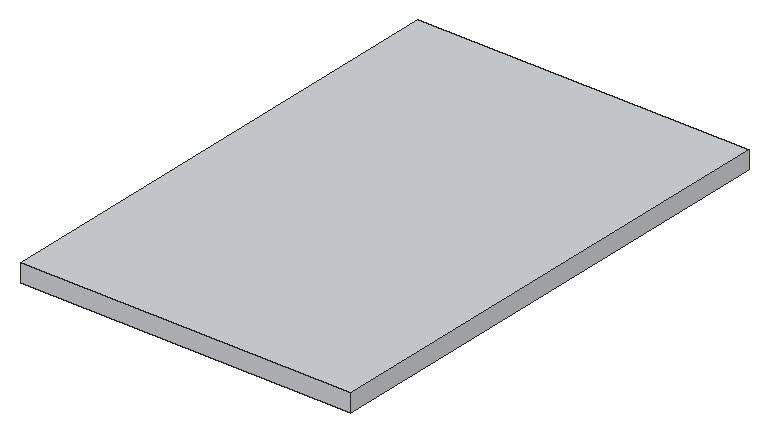
Revit family "PFSB2 1200xxx", category Leuchten, Revit 2020
Family settings
  Basisbauteil = Fläche
  Bemaßung runder Anschluss = Durchmesser verwenden
  Teiletyp = Normal
  OmniClass-Nummer = 23.80.70.11
  OmniClass-Titel = Luminaries for Internal Lighting
  Beim Laden mit Abzugskörper schneiden = Nein
  Lichtquelle = Ja
  Gemeinsam genutzt = Nein
  Raumberechnungspunkt = Nein
Parameters (values of type "PFSB2 1200FLLG840O0550-RS")
  width = 65 mm  # constant formula
  weight = "1,2kg"
  voltage type (AC, DC, UC) = "AC"
  rated input power = 41  # constant formula
  product name = "PFSB2 1200FLLG840O0550-RS"
  nominal voltage = "230"
  nominal frequency = "50-60Hz"
  length = 1220 mm  # constant formula
  ingress protection (IP) code = "IP65"
  height = 65 mm  # constant formula
  electrical safety class = "1"
  control gear = ""
  conformity mark = "CE"  # constant formula
  brand = "RIDI"
  approval mark = ""
  built-in parameter 1150104 = 13.8 (stored number, unit not read)
  Wattage = 35.8148 W
  Von Breite des Rechtecks ausssenden = 1113 mm
  Von Länge des Rechtecks aussenden = 60 mm
  Default Elevation = 0 mm
  built-in parameter 1150113 = 1 (stored number, unit not read)
  built-in parameter 1114218 = 1 (stored number, unit not read)
  URL = "www.ridi.de"
  built-in parameter 1150134 = 12
  built-in parameter 1150109 = 1 (stored number, unit not read)
  built-in parameter 1150110 = 1 (stored number, unit not read)
  Apparent Load = 41 VA  # constant formula
  Tilt Angle = 90.00°
  Modell = "0921266BH"
  built-in parameter 1114217 = 1 (stored number, unit not read)
  built-in parameter 1150139 = (empty or 0)
  built-in parameter 1150105 = 1436.9 (stored number, unit not read)
  built-in parameter 1150114 = 1 (stored number, unit not read)
  Lumens = 5320 lm
  built-in parameter 1150115 = 1 (stored number, unit not read)
  built-in parameter 1150112 = 1 (stored number, unit not read)
  Lampe = "LED"
  Hersteller = "RIDI Leuchten GmbH"  # constant formula
  Dimming Lamp Color Temperature Shift = (empty or 0)
  Color Filter = 16777215
  built-in parameter 1150133 = 10 (stored number, unit not read)
  Emit Shape Visible in Rendering = no
  built-in parameter 1150137 = (empty or 0)
  built-in parameter 1150132 = 2
  Datei für fotometrisches Netz = "Master_PFSB2.IES"
  Copyright = "© RIDI. All rights reserved."  # constant formula
  built-in parameter 1150106 = 14.369 (stored number, unit not read)
  Baugruppenkennzeichen = "D5020200"
  built-in parameter 1150107 = 4000 (stored number, unit not read)
  built-in parameter 1150102 = (empty or 0)
  built-in parameter 1150138 = (empty or 0)
Types (4, lengths in mm): name | weight | product name | Modell
  (no name) | "1,2kg" | "PFSB2 1200FLLG840O0550-RS" | "0921266BH"
  PFSB2 1200FLLG840O0550 | "1,1kg" | "PFSB2 1200FLLG840O0550" | "0921263BH"
  PFSB2 1200FLLG840O0550-RS | "1,2kg" | "PFSB2 1200FLLG840O0550-RS" | "0921266BH"
  PFSB2 1200DALG840O0550 | "1,1kg" | "PFSB2 1200DALG840O0550" | "0931263BH"
Reference planes
  plane 1 "Mitte (Vorne/hinten)": y = 0
  plane 2: z = 0
  plane 3 "Mitte (Links/rechts)": x = 0
Forms (mm)
  Extrusion 1, solid
    sketch origin (219.2, 280.8, 0) x (1, 0, 0) y (0, 1, 0)
      loop
        line (-1219.2, 1219.2) -> (-1219.2, -1780.8) -> (780.8, -1780.8) -> (780.8, 1219.2) -> (-1219.2, 1219.2)
    from 0 to -107.307
Dimensions and locks
  aligned and locked: plane 2 to Extrusion 1
  aligned and locked: imposter light to plane 3 "Mitte (Links/rechts)"
  aligned and locked: import instance to imposter light
  aligned and locked: Extrusion 1 to import instance
Connectors
  electrical at (0, -594.6, 32.5), driven by "Apparent Load"
    settings: on import instance, index 1, voltage 230 V, apparent load 0 VA, apparent load phase1 41 VA, apparent load phase2 0 VA, apparent load phase3 0 VA, power factor 1, load classification "Lighting", number of poles 1, system type 31, power factor state 1, is connector primary yes, connector utility no, sub classification motor no, connector description ""
  electrical at (0, 594.6, 32.5), driven by "Apparent Load"
    settings: on import instance, index 2, voltage 230 V, apparent load 0 VA, apparent load phase1 41 VA, apparent load phase2 0 VA, apparent load phase3 0 VA, power factor 1, load classification "Lighting", number of poles 1, system type 31, power factor state 1, is connector primary no, connector utility no, sub classification motor no, connector description ""
